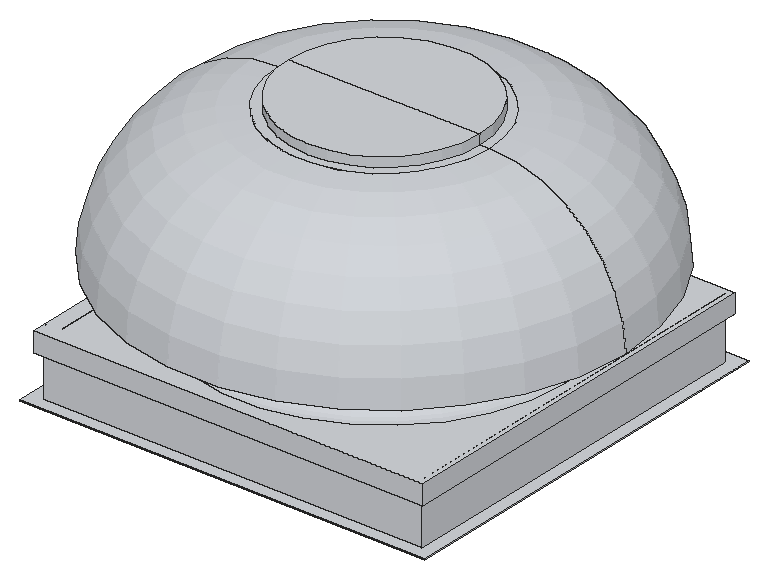
Revit family "AQB", category Mechanical Equipment, Revit 2019
Family settings
  Round Connector Dimension = Use Diameter
  Part Type = Normal
  Work Plane-Based = No
  Always vertical = Yes
  Cut with Voids When Loaded = No
  Shared = No
  Room Calculation Point = No
Parameters (values of type "48_AQB")
  Unit Weight [instance] = ""
  T_SQ/2+.125" = (T_SQ / 2) + 0' 0 1/8"  # 2' - 6 1/8"
  Sones [instance] = ""
  RO/2 = RO / 2  # 2' - 3 3/4"
  Motor RPM [instance] = ""
  Motor Enclosure [instance] = ""
  ModelID [instance] = ""
  LwA [instance] = ""
  RO = T_SQ - 0' 4 1/2"  # 4' - 7 1/2"
  T_SQ/2 = T_SQ / 2  # 2' - 6"
  T_SQ = 5' - 0"
  Fan RPM [instance] = ""
  D/2-(A-B) = C_ / 2 - (A - B)  # 1' - 2 3/4"
  C_ = 6' - 2 1/2"
  C_/2 = C_ / 2  # 3' - 1 1/4"
  CURB_HEIGHT [instance] = 0' - 9 1/2"
  CURB [instance] = yes
  BASE-.125 = BASE - 0' 0 1/8"  # 0' - 2 7/8"
  BASE = 0' - 3"
  Brake Hp [instance] = ""
  B/2 = B / 2  # 0' - 5 1/8"
  B-C/2 = (B - BASE) / 2  # 0' - 3 5/8"
  B-C = B - BASE  # 0' - 7 1/4"
  B = 0' - 10 1/4"
  Accessories [instance] = ""
  A/2 = A / 2  # 1' - 4 3/8"
  A-B = A - B  # 1' - 10 1/2"
  A-1.5" = A - 0' 1 1/2"  # 2' - 7 1/4"
  A = 2' - 8 3/4"
  4" = 0' - 4"  # constant formula
  2' = 2' - 0"
  2" = 0' - 2"  # constant formula
  1" = 0' - 1"  # constant formula
  0 = 0' - 0"  # constant formula
  Voltage [instance] = 0 V
  URL = "www.lorencook.com"
  Type Comments = "Downblast Propeller Exhaust Ventilator Roof Mounted/Belt Drive"  # constant formula
  Static Pressure [instance] = 0.00 in-wg
  Power [instance] = Voltage * Motor FLA * sqrt(if(Phase = 3, 3, 1))  # 0 VA
  Phase [instance] = 0
  Number of Poles [instance] = 1
  Motor Hp [instance] = "0"
  Motor FLA [instance] = 0 A
  Model = "AQB"  # constant formula
  Manufacturer = "Loren Cook Company"
  CFM [instance] = 0 CFM
  1.5 = 0' - 1 1/2"  # constant formula
  ONE EIGTH = 0' - 0 1/8"  # constant formula
  -(C/2) = -(BASE / 2)  # -0' - 1 1/2"
  -(A/2) = -(A / 2)  # -1' - 4 3/8"
  (T_SQ/2)-2" = (T_SQ / 2) - 0' 2"  # 2' - 4"
Types (6): name | T_SQ/2+.125" | RO/2 | RO | T_SQ/2 | T_SQ | D/2-(A-B) | C_ | C_/2 | B/2 | B-C/2 | B-C | B | A/2 | A-B | A-1.5" | A | -(A/2) | (T_SQ/2)-2"
  (no name) | 2' - 6 1/8" | 2' - 3 3/4" | 4' - 7 1/2" | 2' - 6" | 5' - 0" | 1' - 2 3/4" | 6' - 2 1/2" | 3' - 1 1/4" | 0' - 5 1/8" | 0' - 3 5/8" | 0' - 7 1/4" | 0' - 10 1/4" | 1' - 4 3/8" | 1' - 10 1/2" | 2' - 7 1/4" | 2' - 8 3/4" | -1' - 4 3/8" | 2' - 4"
  24_AQB | 1' - 6 1/8" | 1' - 3 3/4" | 2' - 7 1/2" | 1' - 6" | 3' - 0" | 0' - 8" | 3' - 11 1/2" | 1' - 11 3/4" | 0' - 4 9/16" | 0' - 3 1/16" | 0' - 6 1/8" | 0' - 9 1/8" | 1' - 0 7/16" | 1' - 3 3/4" | 1' - 11 3/8" | 2' - 0 7/8" | -1' - 0 7/16" | 1' - 4"
  30_AQB | 1' - 9 1/8" | 1' - 6 3/4" | 3' - 1 1/2" | 1' - 9" | 3' - 6" | 0' - 9 1/4" | 4' - 4 1/2" | 2' - 2 1/4" | 0' - 4 5/8" | 0' - 3 1/8" | 0' - 6 1/4" | 0' - 9 1/4" | 1' - 1 1/8" | 1' - 5" | 2' - 0 3/4" | 2' - 2 1/4" | -1' - 1 1/8" | 1' - 7"
  36_AQB | 2' - 0 1/8" | 1' - 9 3/4" | 3' - 7 1/2" | 2' - 0" | 4' - 0" | 1' - 1 3/4" | 5' - 2 1/2" | 2' - 7 1/4" | 0' - 4 7/8" | 0' - 3 3/8" | 0' - 6 3/4" | 0' - 9 3/4" | 1' - 1 5/8" | 1' - 5 1/2" | 2' - 1 3/4" | 2' - 3 1/4" | -1' - 1 5/8" | 1' - 10"
  42_AQB | 2' - 3 1/8" | 2' - 0 3/4" | 4' - 1 1/2" | 2' - 3" | 4' - 6" | 1' - 2 3/4" | 6' - 2 1/2" | 3' - 1 1/4" | 0' - 5 1/8" | 0' - 3 5/8" | 0' - 7 1/4" | 0' - 10 1/4" | 1' - 4 3/8" | 1' - 10 1/2" | 2' - 7 1/4" | 2' - 8 3/4" | -1' - 4 3/8" | 2' - 1"
  48_AQB | 2' - 6 1/8" | 2' - 3 3/4" | 4' - 7 1/2" | 2' - 6" | 5' - 0" | 1' - 2 3/4" | 6' - 2 1/2" | 3' - 1 1/4" | 0' - 5 1/8" | 0' - 3 5/8" | 0' - 7 1/4" | 0' - 10 1/4" | 1' - 4 3/8" | 1' - 10 1/2" | 2' - 7 1/4" | 2' - 8 3/4" | -1' - 4 3/8" | 2' - 4"
Reference planes (in)
  plane 1 "Center (Front/Back)": y = 0
  plane 2: z = 0
  plane 3 "Center (Left/Right)": x = 0.40541
Forms (in)
  Extrusion 1, solid
    sketch origin (0, 0, 0) x (1, 0, 0) y (0, 1, 0)
      loop
        line (-29.71959, 30.125) -> (-29.71959, -30.125) -> (30.53041, -30.125) -> (30.53041, 30.125) -> (-29.71959, 30.125)
    from 0 to 3 <- "BASE"
  Extrusion 2, void
    sketch origin (0, 0, 0) x (1, 0, 0) y (0, 1, 0)
      loop
        line (-29.59459, 30) -> (-29.59459, -30) -> (30.40541, -30) -> (30.40541, 30) -> (-29.59459, 30)
    from 0 to 2.875 <- "BASE-.125"
  Revolve 3, solid
    sketch origin (0, 0, 0) x (1, 0, 0) y (0, 0, 1)
      loop
        line (-27.59459, 3) -> (0.40541, 3) -> (0.40541, 10.25) -> (-27.59459, 10.25)
        arc (-27.59459, 10.25) -> (-23.96959, 6.625) -> (-27.59459, 3) r 3.625
      axis (0.40541, 10.25) -> (0.40541, 3)
    angle from 0 to 360
  Revolve 4, solid
    sketch origin (0, 0, 0) x (1, 0, 0) y (0, 0, 1)
      loop
        arc (-15.84459, 31.25) -> (-30.69383, 25.09924) -> (-36.84459, 10.25) r 21
        line (-36.84459, 10.25) -> (0.40541, 10.25) -> (0.40541, 31.25) -> (-15.84459, 31.25)
      axis (0.40541, 10.25) -> (0.40541, 31.25)
    angle from 0 to 360
  Revolve 5, solid
    sketch origin (0, 0, 0) x (1, 0, 0) y (0, 0, 1)
      loop
        line (0.40541, 31.25) -> (0.40541, 32.75) -> (-14.34459, 32.75) -> (-14.34459, 31.25) -> (0.40541, 31.25)
      axis (0.40541, 32.75) -> (0.40541, 31.25)
    angle from 0 to 360
  Extrusion 6, solid, visible <- "CURB"
    sketch origin (0, 0, 2.875) x (0, 1, 0) y (1, 0, 0)
      loop
        line (-27.75, -27.34459) -> (27.75, -27.34459) -> (27.75, 28.15541) -> (-27.75, 28.15541) -> (-27.75, -27.34459)
      loop
        line (29.25, 29.65541) -> (-29.25, 29.65541) -> (-29.25, -28.84459) -> (29.25, -28.84459) -> (29.25, 29.65541)
    from 0 to 9.5 <- "CURB_HEIGHT"
  Extrusion 7, solid, visible <- "CURB"
    sketch origin (0, 0, -6.625) x (-1, 0, 0) y (0, 1, 0)
      loop
        line (28.84459, -29.25) -> (28.84459, 29.25) -> (-29.65541, 29.25) -> (-29.65541, -29.25) -> (28.84459, -29.25)
      loop
        line (-31.65541, 31.25) -> (-31.65541, -31.25) -> (30.84459, -31.25) -> (30.84459, 31.25) -> (-31.65541, 31.25)
    from 0 to -0.125
Cuts and joins
  Extrusion 2 cuts Extrusion 1
Dimensions and locks (in)
  "T_SQ/2+.125"": Extrusion 1 sketch curve to plane 3 "Center (Left/Right)"
  "T_SQ/2+.125"": plane 3 "Center (Left/Right)" to Extrusion 1 sketch curve
  "T_SQ/2+.125"": plane 1 "Center (Front/Back)" to Extrusion 1 sketch curve
  "T_SQ/2+.125"": Extrusion 1 sketch curve to plane 1 "Center (Front/Back)"
  "T_SQ/2": Extrusion 2 sketch curve to plane 3 "Center (Left/Right)"
  "T_SQ/2": plane 3 "Center (Left/Right)" to Extrusion 2 sketch curve
  "T_SQ/2": plane 1 "Center (Front/Back)" to Extrusion 2 sketch curve
  "T_SQ/2": Extrusion 2 sketch curve to plane 1 "Center (Front/Back)"
  "B": Revolve 3 sketch curve to level
  "0": Revolve 3 sketch curve to cut or joined group of Extrusion 1, Extrusion 2
  "(T_SQ/2)-2"": plane 3 "Center (Left/Right)" to Revolve 3 sketch curve
  "0": Revolve 3 sketch curve to plane 3 "Center (Left/Right)"  (x2)
  "0": Revolve 4 sketch curve to plane 3 "Center (Left/Right)"  (x2)
  "C_/2": plane 3 "Center (Left/Right)" to Revolve 4 sketch curve
  "0": Revolve 4 sketch curve to Revolve 3
  "A-1.5"": Revolve 4 sketch curve to level
  "0": Revolve 3 to Revolve 4 sketch curve
  "0": Revolve 5 sketch curve to plane 3 "Center (Left/Right)"  (x2)
  "A": Revolve 5 sketch curve to level
  "A-1.5"": Revolve 5 sketch curve to level
  "D/2-(A-B)": plane 3 "Center (Left/Right)" to Revolve 5 sketch curve
  "1.5": Extrusion 6 sketch curve to Extrusion 6 sketch curve  (x4)
  "RO/2": Extrusion 6 sketch curve to plane 3 "Center (Left/Right)"
  "RO/2": plane 3 "Center (Left/Right)" to Extrusion 6 sketch curve
  "RO/2": Extrusion 6 sketch curve to plane 1 "Center (Front/Back)"  (x2)
  "2"": Extrusion 7 sketch curve to Extrusion 7 sketch curve  (x4)
  "0": Extrusion 7 sketch curve to Extrusion 6  (x3)
  "0": Extrusion 6 to Extrusion 7 sketch curve
Automatic sketch dimensions
  Revolve 3 sketch curve to level = 0' - 2 1/2"
  Revolve 3 sketch curve to Revolve 3 sketch curve = 0' - 0"
  Revolve 4 sketch curve to Revolve 4 sketch curve = 0' - 0"  (x2)
  Revolve 4 sketch curve to Revolve 4 sketch curve = 0' - 3 1/4"
  Revolve 5 sketch curve to Revolve 5 sketch curve = 0' - 4 1/2"
  Revolve 5 sketch curve to Revolve 5 sketch curve = 0' - 0"
Connectors (in)
  electrical at (0.40541, 0, 2.875)
    settings: on cut or joined group of Extrusion 1, Extrusion 2, index 2, voltage 0 V, apparent load 0 VA, apparent load phase1 0 VA, apparent load phase2 0 VA, apparent load phase3 0 VA, power factor 1, load classification "Other", number of poles 1, system type 30, power factor state 1, is connector primary yes, connector utility no, sub classification motor no, connector description ""
  hvac at (0.40541, 0, 2.875), driven by "CFM", driven by "RO", driven by "RO"
    settings: on cut or joined group of Extrusion 1, Extrusion 2, index 3, duct flow 0 CFM, flow factor 0, pres drop 0.00 in-wg, loss coef 0, conn angle 0.00°, conn width 55 1/2", conn height 55 1/2", conn diameter 24", duct sys type 3, conn prof type 1, flow config 0, flow direction 1, loss method 0, conn ref index -1, conn util no, is conn primary yes, conn desc ""
